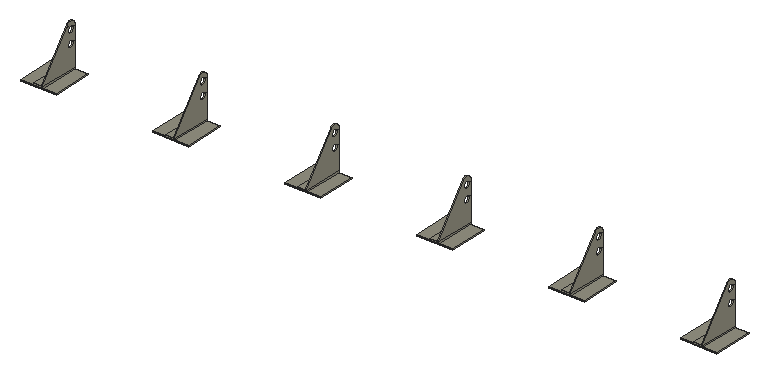
Revit family "Construction_Roof-Accessories_Alpine-SnowGuards_PP315", category Specialty Equipment, host Face, Revit 2019
Family settings
  Host = Face
  Round Connector Dimension = Use Diameter
  Part Type = Normal
  OmniClass Number = 23.35.20.31.27.14
  OmniClass Title = Snow Guards
  Cut with Voids When Loaded = No
  Shared = No
  Room Calculation Point = No
Parameters (values of type "Hi Hole")
  Z_Two Pipe = no
  Z_Two [instance] = Z_Length > Z_Horizontal Spacing  # yes
  Z_Three Pipe = no
  Z_One [instance] = not(Z_Array)  # no
  Z_Length [instance] = if(Length < Z_Horizontal Spacing, Z_Horizontal Spacing, Length)  # 100"
  Z_Horizontal Spacing [instance] = if(Horizontal Spacing < 2", 2", Horizontal Spacing)  # 20"
  Z_Hi Hole = yes
  Z_Array [instance] = and(Z_Length > Z_Horizontal Spacing * 2)  # yes
  URL = "https://www.alpinesnowguards.com/model/pp125-comp.-shingle?utm_source=bimobject&utm_medium=productlisting&utm_campaign=2022marketing"
  Snow Guard Count [instance] = if(Length < Horizontal Spacing, 1, if(and(Z_Length > Z_Horizontal Spacing, Z_Length < Z_Horizontal Spacing * 2), 2, Z_Number of Pads Control))  # 6
  Product data url = "https://www.bimobject.com/en-us/alpine-snowguards/product/pp315_two_or_three_pipe_snow_guard"
  Product Material = Alpine SnowGuards - Aluminium - Mill Finish
  Product Guid = "6513fa90-9029-4a81-b4f7-e6701890db63"
  Z_Number of Pads Control [instance] = if(Z_Length / Z_Horizontal Spacing + 1 < 3, 3, rounddown(Z_Length / Z_Horizontal Spacing + 1))  # 6
  Pad Material = Alpine SnowGuards - Aluminium - Mill Finish
  Model = "PP315 - Hi Hole"
  Manufacturer = "Alpine SnowGuards"  # constant formula
  Length [instance] = 100"
  Keynote = "07720"
  Length Note [instance] = "To show a single SnowGuard set Length to 0"  # constant formula
  Horizontal Spacing = 20"
  Edition number = 1
  Description = "PP315 two or three-pipe, pipe-style snow guard bracket. 2'' X 6'' stainless steel base plate."  # constant formula
  Default Elevation = 48"
  Base Options [instance] = Construction_Roof-Accessories_Alpine-SnowGuards_Base-PP315 : 5.5" x 6"
  Base Material = Alpine SnowGuards - Aluminium - Mill Finish
  Assembly Code = "B3010"
Types (4): name | Z_Two Pipe | Z_Three Pipe | Z_Hi Hole | Model
  (no name) | no | no | yes | "PP315 - Hi Hole"
  Two Pipe | yes | no | no | "PP315 - Two Pipe"
  Three Pipe | no | yes | no | "PP315 - Three Pipe"
  Hi Hole | no | no | yes | "PP315 - Hi Hole"
Reference planes (in)
  plane 1 "Center (Front/Back)": y = 0
  plane 2: z = 0
  plane 3 "Center (Left/Right)": x = 0
  plane 4: x = 100
  plane 5: z = 0.125
  plane 6: x = 20
  plane 7: y = -2.21833
Dimensions and locks (in)
  "Z_Length": plane 3 "Center (Left/Right)" to plane 4
  locked: plane 5 to plane 2 at 0.125
  "Z_Horizontal Spacing": plane 3 "Center (Left/Right)" to plane 6
  locked: nested 2 to plane 1 "Center (Front/Back)" at 2.21833
  equal spacing: group 1, group 2, group 3, group 7, group 8, group 9  (x3)
  equal spacing: group 4, group 5, group 6, group 10, group 11, group 12  (x3)
  aligned and locked: host face to plane 2
  aligned and locked: level to host face
  aligned and locked: nested 1 to plane 1 "Center (Front/Back)"
  aligned and locked: plane 3 "Center (Left/Right)" to nested 2
  aligned and locked: nested 1 to plane 3 "Center (Left/Right)"
  aligned and locked: nested 3 to plane 6
  aligned and locked: nested 3 to plane 1 "Center (Front/Back)"
  aligned and locked: nested 2 to plane 7
  aligned and locked: nested 5 to plane 7
  aligned and locked: plane 6 to nested 5
  aligned and locked: nested 8 to plane 7
  aligned and locked: nested 9 to plane 7
  aligned and locked: plane 3 "Center (Left/Right)" to nested 8
  aligned and locked: plane 6 to nested 9
  aligned and locked: nested 7 to plane 1 "Center (Front/Back)"
  aligned and locked: nested 10 to plane 1 "Center (Front/Back)"
  aligned and locked: nested 7 to plane 3 "Center (Left/Right)"
  aligned and locked: nested 10 to plane 6
Automatic sketch dimensions
  host sketch curve to host sketch curve = 135.21334"
  host sketch curve to host sketch curve = 96"
Nested families (in)
  nested 1: "Construction_Roof-Accessories_Alpine-SnowGuards_Pad-PP314" at (0, -5.35561, 0) x (-1, 0, 0) z (0, 0, 1), Pad Material <- "Pad Material", Two Pipe <- "Z_Two Pipe", Three Pipe <- "Z_Three Pipe", Hi Hole <- "Z_Hi Hole", visible <- "Z_Array", type "Construction_Roof-Accessories_Alpine-SnowGuards_Pad-PP314"
    with Two Pipe no, Three Pipe no, Pad Material Alpine SnowGuards - Aluminium - Mill Finish, Hi Hole yes
  nested 2: "Construction_Roof-Accessories_Alpine-SnowGuards_Base-PP315" at (0, 0.78167, 0), type <- "Base Options", Material <- "Base Material", visible <- "Z_Array", type "5.5" x 6""
    with Material Alpine SnowGuards - Aluminium - Mill Finish
  nested 3: "Construction_Roof-Accessories_Alpine-SnowGuards_Pad-PP314" at (20, -5.35561, 0) x (-1, 0, 0) z (0, 0, 1), Pad Material <- "Pad Material", Two Pipe <- "Z_Two Pipe", Three Pipe <- "Z_Three Pipe", Hi Hole <- "Z_Hi Hole", visible <- "Z_Array", type "Construction_Roof-Accessories_Alpine-SnowGuards_Pad-PP314"
    with Two Pipe no, Three Pipe no, Pad Material Alpine SnowGuards - Aluminium - Mill Finish, Hi Hole yes
  nested 4: "Construction_Roof-Accessories_Alpine-SnowGuards_Pad-PP314" at (40, -5.35561, 0) x (-1, 0, 0) z (0, 0, 1), Pad Material <- "Pad Material", Two Pipe <- "Z_Two Pipe", Three Pipe <- "Z_Three Pipe", Hi Hole <- "Z_Hi Hole", visible <- "Z_Array", type "Construction_Roof-Accessories_Alpine-SnowGuards_Pad-PP314"
    with Two Pipe no, Three Pipe no, Pad Material Alpine SnowGuards - Aluminium - Mill Finish, Hi Hole yes
  nested 5: "Construction_Roof-Accessories_Alpine-SnowGuards_Base-PP315" at (20, 0.78167, 0), type <- "Base Options", Material <- "Base Material", visible <- "Z_Array", type "5.5" x 6""
    with Material Alpine SnowGuards - Aluminium - Mill Finish
  nested 6: "Construction_Roof-Accessories_Alpine-SnowGuards_Base-PP315" at (40, 0.78167, 0), type <- "Base Options", Material <- "Base Material", visible <- "Z_Array", type "5.5" x 6""
    with Material Alpine SnowGuards - Aluminium - Mill Finish
  nested 7: "Construction_Roof-Accessories_Alpine-SnowGuards_Pad-PP314" at (0, -5.35561, 0) x (-1, 0, 0) z (0, 0, 1), Pad Material <- "Pad Material", Three Pipe <- "Z_Three Pipe", Two Pipe <- "Z_Two Pipe", Hi Hole <- "Z_Hi Hole", visible <- "Z_One", type "Construction_Roof-Accessories_Alpine-SnowGuards_Pad-PP314"
    with Two Pipe no, Three Pipe no, Pad Material Alpine SnowGuards - Aluminium - Mill Finish, Hi Hole yes
  nested 8: "Construction_Roof-Accessories_Alpine-SnowGuards_Base-PP315" at (0, 0.78167, 0), type <- "Base Options", Material <- "Base Material", visible <- "Z_One", type "5.5" x 6""
    with Material Alpine SnowGuards - Aluminium - Mill Finish
  nested 9: "Construction_Roof-Accessories_Alpine-SnowGuards_Base-PP315" at (20, 0.78167, 0), type <- "Base Options", Material <- "Base Material", visible <- "Z_Two", type "5.5" x 6""
    with Material Alpine SnowGuards - Aluminium - Mill Finish
  nested 10: "Construction_Roof-Accessories_Alpine-SnowGuards_Pad-PP314" at (20, -5.35561, 0) x (-1, 0, 0) z (0, 0, 1), Pad Material <- "Pad Material", Three Pipe <- "Z_Three Pipe", Two Pipe <- "Z_Two Pipe", Hi Hole <- "Z_Hi Hole", visible <- "Z_Two", type "Construction_Roof-Accessories_Alpine-SnowGuards_Pad-PP314"
    with Two Pipe no, Three Pipe no, Pad Material Alpine SnowGuards - Aluminium - Mill Finish, Hi Hole yes
  nested 11: "Construction_Roof-Accessories_Alpine-SnowGuards_Pad-PP314" at (60, -5.35561, 0) x (-1, 0, 0) z (0, 0, 1), Pad Material <- "Pad Material", Two Pipe <- "Z_Two Pipe", Three Pipe <- "Z_Three Pipe", Hi Hole <- "Z_Hi Hole", visible <- "Z_Array", type "Construction_Roof-Accessories_Alpine-SnowGuards_Pad-PP314"
    with Two Pipe no, Three Pipe no, Pad Material Alpine SnowGuards - Aluminium - Mill Finish, Hi Hole yes
  nested 12: "Construction_Roof-Accessories_Alpine-SnowGuards_Pad-PP314" at (80, -5.35561, 0) x (-1, 0, 0) z (0, 0, 1), Pad Material <- "Pad Material", Two Pipe <- "Z_Two Pipe", Three Pipe <- "Z_Three Pipe", Hi Hole <- "Z_Hi Hole", visible <- "Z_Array", type "Construction_Roof-Accessories_Alpine-SnowGuards_Pad-PP314"
    with Two Pipe no, Three Pipe no, Pad Material Alpine SnowGuards - Aluminium - Mill Finish, Hi Hole yes
  nested 13: "Construction_Roof-Accessories_Alpine-SnowGuards_Pad-PP314" at (100, -5.35561, 0) x (-1, 0, 0) z (0, 0, 1), Pad Material <- "Pad Material", Two Pipe <- "Z_Two Pipe", Three Pipe <- "Z_Three Pipe", Hi Hole <- "Z_Hi Hole", visible <- "Z_Array", type "Construction_Roof-Accessories_Alpine-SnowGuards_Pad-PP314"
    with Two Pipe no, Three Pipe no, Pad Material Alpine SnowGuards - Aluminium - Mill Finish, Hi Hole yes
  nested 14: "Construction_Roof-Accessories_Alpine-SnowGuards_Base-PP315" at (60, 0.78167, 0), type <- "Base Options", Material <- "Base Material", visible <- "Z_Array", type "5.5" x 6""
    with Material Alpine SnowGuards - Aluminium - Mill Finish
  nested 15: "Construction_Roof-Accessories_Alpine-SnowGuards_Base-PP315" at (80, 0.78167, 0), type <- "Base Options", Material <- "Base Material", visible <- "Z_Array", type "5.5" x 6""
    with Material Alpine SnowGuards - Aluminium - Mill Finish
  nested 16: "Construction_Roof-Accessories_Alpine-SnowGuards_Base-PP315" at (100, 0.78167, 0), type <- "Base Options", Material <- "Base Material", visible <- "Z_Array", type "5.5" x 6""
    with Material Alpine SnowGuards - Aluminium - Mill Finish
Definition of nested family "Construction_Roof-Accessories_Alpine-SnowGuards_Pad-PP314"
  Parameters (values of type "Construction_Roof-Accessories_Alpine-SnowGuards_Pad-PP314")
    Hi Hole [instance] = no
    Two Pipe [instance] = yes
    Three Pipe [instance] = no
    Pad Material [instance] = none
  Reference planes (in)
    plane 1 "Center (Front/Back)": y = 0
    plane 2: z = 0
    plane 3 "Center (Left/Right)": x = 0
    plane 4: y = -12
    plane 5: x = -3
    plane 6: x = 3
    plane 7: y = -6
    plane 8: y = -5.35561
  Forms (in)
    Extrusion 1, solid, material <- "Pad Material"
      sketch origin (0, 0, 0) x (1, 0, 0) y (0, 0, 1)
        loop
          line (-0.71875, 0.3125) -> (-0.71875, 0.125) -> (0.71875, 0.125) -> (0.71875, 0.3125) -> (-0.71875, 0.3125)
      from 0.13728 to 6.13728
    Sweep 2, solid, material <- "Pad Material", visible <- "Two Pipe", detail levels fine
      path origin (-0.625, 0, -0.125) x (1, 0, 0) y (0, 0, 1)
        loop
          line (-0.09375, 0.4375) -> (0.09375, 0.4375)
      profile origin (-0.625, 0, 0.3125) x (0, 0, 1) y (0, -1, 0)
        loop
          line (0, 0.13728) -> (0.11115, 0.13728) -> (6.31868, 4.76534)
          arc (6.31868, 4.76534) -> (6.58627, 5.61558) -> (5.86354, 6.13728) r 0.76146
          line (5.86354, 6.13728) -> (0, 6.13728) -> (0, 0.13728)
        loop
          circle (5.53135, 5.34534) r 0.53125
        loop
          circle (1.53671, 5.35561) r 0.53125
    Sweep 3, solid, material <- "Pad Material", visible <- "Three Pipe", detail levels fine
      path origin (-0.625, 0, -0.125) x (1, 0, 0) y (0, 0, 1)
        loop
          line (-0.09375, 0.4375) -> (0.09375, 0.4375)
      profile origin (-0.625, 0, 0.3125) x (0, 0, 1) y (0, -1, 0)
        loop
          line (0, 0.13728) -> (0.11115, 0.13728) -> (6.31868, 4.76534)
          arc (6.31868, 4.76534) -> (6.58627, 5.61558) -> (5.86354, 6.13728) r 0.76146
          line (5.86354, 6.13728) -> (0, 6.13728) -> (0, 0.13728)
        loop
          circle (5.53125, 5.35561) r 0.53125
        loop
          circle (3.34375, 5.35561) r 0.53125
        loop
          circle (1.21875, 5.35561) r 0.53125
    Sweep 4, solid, material <- "Pad Material", visible <- "Hi Hole", detail levels fine
      path origin (-0.625, 0, -0.125) x (1, 0, 0) y (0, 0, 1)
        loop
          line (-0.09375, 0.4375) -> (0.09375, 0.4375)
      profile origin (-0.625, 0, 0.3125) x (0, 0, 1) y (0, -1, 0)
        loop
          arc (6.31868, 4.76534) -> (6.58627, 5.61558) -> (5.86354, 6.13728) r 0.76146
          line (5.86354, 6.13728) -> (0, 6.13728) -> (0, 0.13728) -> (0.11115, 0.13728) -> (6.31868, 4.76534)
        loop
          circle (5.53125, 5.35561) r 0.53125
        loop
          circle (3.53125, 5.35561) r 0.53125
    Sweep 5, solid, material <- "Pad Material", visible <- "Hi Hole", detail levels coarse+medium
      path origin (-0.625, 0, -0.125) x (1, 0, 0) y (0, 0, 1)
        loop
          line (-0.09375, 0.4375) -> (0.09375, 0.4375)
      profile origin (-0.625, 0, 0.3125) x (0, 0, 1) y (0, -1, 0)
        loop
          arc (6.31868, 4.76534) -> (6.58627, 5.61558) -> (5.86354, 6.13728) r 0.76146
          line (5.86354, 6.13728) -> (0, 6.13728) -> (0, 0.13728) -> (0.11115, 0.13728) -> (6.31868, 4.76534)
    Sweep 6, solid, material <- "Pad Material", visible <- "Two Pipe", detail levels coarse+medium
      path origin (-0.625, 0, -0.125) x (1, 0, 0) y (0, 0, 1)
        loop
          line (-0.09375, 0.4375) -> (0.09375, 0.4375)
      profile origin (-0.625, 0, 0.3125) x (0, 0, 1) y (0, -1, 0)
        loop
          line (0, 0.13728) -> (0.11115, 0.13728) -> (6.31868, 4.76534)
          arc (6.31868, 4.76534) -> (6.58627, 5.61558) -> (5.86354, 6.13728) r 0.76146
          line (5.86354, 6.13728) -> (0, 6.13728) -> (0, 0.13728)
    Sweep 7, solid, material <- "Pad Material", visible <- "Three Pipe", detail levels coarse+medium
      path origin (-0.625, 0, -0.125) x (1, 0, 0) y (0, 0, 1)
        loop
          line (-0.09375, 0.4375) -> (0.09375, 0.4375)
      profile origin (-0.625, 0, 0.3125) x (0, 0, 1) y (0, -1, 0)
        loop
          line (0, 0.13728) -> (0.11115, 0.13728) -> (6.31868, 4.76534)
          arc (6.31868, 4.76534) -> (6.58627, 5.61558) -> (5.86354, 6.13728) r 0.76146
          line (5.86354, 6.13728) -> (0, 6.13728) -> (0, 0.13728)
  Dimensions and locks (in)
    locked: plane 4 to plane 1 "Center (Front/Back)" at 12
    equal spacing: plane 5, plane 3 "Center (Left/Right)", plane 6
    plane 5 to plane 6 = 6"
    locked: plane 7 to plane 4 at 6
    locked: Extrusion 1 sketch curve to plane 2 at 0.125
    locked: Extrusion 1 sketch curve to Extrusion 1 sketch curve at 0.1875
    locked: plane 8 to plane 7 at 0.64439
    locked: Extrusion 1 sketch curve to plane 5 at 2.28125
    aligned and locked: level to plane 2
  Automatic sketch dimensions
    plane 3 "Center (Left/Right)" to Extrusion 1 sketch curve = 23/32"
    level to Sweep 2 sketch curve = 5/16"
    Sweep 2 sketch curve to plane 3 "Center (Left/Right)" = 23/32"
    Sweep 2 sketch curve to Sweep 2 sketch curve = 3/16"
    profile plane to Sweep 2 sketch curve = 0"
    Sweep 2 sketch curve to Sweep 2 sketch curve = 0.11115"
    Sweep 2 sketch curve to profile plane = 1.53671"
    Sweep 2 sketch curve to Sweep 2 sketch curve = 3.99464"
    Sweep 2 sketch curve to Sweep 2 sketch curve = 0.33219"
    Sweep 2 sketch curve to Sweep 2 sketch curve = 0.45514"
    plane 1 "Center (Front/Back)" to Sweep 2 sketch curve = 0.13728"
    plane 1 "Center (Front/Back)" to Sweep 2 sketch curve = 4.76534"
    Sweep 2 sketch curve to Sweep 2 sketch curve = 0.58"
    Sweep 2 sketch curve to Sweep 2 sketch curve = 0.01027"
    Sweep 2 sketch curve to Sweep 2 sketch curve = 0.03047"
    level to Sweep 3 sketch curve = 5/16"
    Sweep 3 sketch curve to plane 3 "Center (Left/Right)" = 23/32"
    Sweep 3 sketch curve to Sweep 3 sketch curve = 3/16"
    profile plane to Sweep 3 sketch curve = 0"
    Sweep 3 sketch curve to profile plane = 0.11115"
    Sweep 3 sketch curve to profile plane = 1 7/32"
    Sweep 3 sketch curve to Sweep 3 sketch curve = 2 1/8"
    Sweep 3 sketch curve to Sweep 3 sketch curve = 2 3/16"
    Sweep 3 sketch curve to Sweep 3 sketch curve = 0.33229"
    Sweep 3 sketch curve to Sweep 3 sketch curve = 0.45514"
    plane 1 "Center (Front/Back)" to Sweep 3 sketch curve = 0.13728"
    plane 1 "Center (Front/Back)" to Sweep 3 sketch curve = 4.76534"
    Sweep 3 sketch curve to Sweep 3 sketch curve = 0.59027"  (x2)
    Sweep 3 sketch curve to Sweep 3 sketch curve = 0"
    Sweep 3 sketch curve to Sweep 3 sketch curve = 0.0202"
    level to Sweep 4 sketch curve = 5/16"
    Sweep 4 sketch curve to plane 3 "Center (Left/Right)" = 23/32"
    Sweep 4 sketch curve to Sweep 4 sketch curve = 3/16"
    profile plane to Sweep 4 sketch curve = 0"
    Sweep 4 sketch curve to profile plane = 0.11115"
    Sweep 4 sketch curve to profile plane = 3 17/32"
    Sweep 4 sketch curve to Sweep 4 sketch curve = 2"
    Sweep 4 sketch curve to Sweep 4 sketch curve = 0.33229"
    Sweep 4 sketch curve to Sweep 4 sketch curve = 0.45514"
    plane 1 "Center (Front/Back)" to Sweep 4 sketch curve = 0.13728"
    plane 1 "Center (Front/Back)" to Sweep 4 sketch curve = 4.76534"
    Sweep 4 sketch curve to Sweep 4 sketch curve = 0.59027"  (x2)
    Sweep 4 sketch curve to Sweep 4 sketch curve = 0.0202"
    level to Sweep 5 sketch curve = 5/16"
    Sweep 5 sketch curve to plane 3 "Center (Left/Right)" = 23/32"
    Sweep 5 sketch curve to Sweep 5 sketch curve = 3/16"
    profile plane to Sweep 5 sketch curve = 0"
    Sweep 5 sketch curve to profile plane = 0.11115"
    Sweep 5 sketch curve to profile plane = 5.86354"
    Sweep 5 sketch curve to Sweep 5 sketch curve = 0.45514"
    plane 1 "Center (Front/Back)" to Sweep 5 sketch curve = 0.13728"
    plane 1 "Center (Front/Back)" to Sweep 5 sketch curve = 4.76534"
    Sweep 5 sketch curve to Sweep 5 sketch curve = 0.61047"
    level to Sweep 6 sketch curve = 5/16"
    Sweep 6 sketch curve to plane 3 "Center (Left/Right)" = 23/32"
    Sweep 6 sketch curve to Sweep 6 sketch curve = 3/16"
    profile plane to Sweep 6 sketch curve = 0"
    Sweep 6 sketch curve to Sweep 6 sketch curve = 0.11115"
    Sweep 6 sketch curve to profile plane = 5.86354"
    Sweep 6 sketch curve to Sweep 6 sketch curve = 0.45514"
    plane 1 "Center (Front/Back)" to Sweep 6 sketch curve = 0.13728"
    plane 1 "Center (Front/Back)" to Sweep 6 sketch curve = 4.76534"
    Sweep 6 sketch curve to Sweep 6 sketch curve = 0.61047"
    level to Sweep 7 sketch curve = 5/16"
    Sweep 7 sketch curve to plane 3 "Center (Left/Right)" = 23/32"
    Sweep 7 sketch curve to Sweep 7 sketch curve = 3/16"
    profile plane to Sweep 7 sketch curve = 0"
    Sweep 7 sketch curve to profile plane = 0.11115"
    Sweep 7 sketch curve to Sweep 7 sketch curve = 0.45514"
    plane 1 "Center (Front/Back)" to Sweep 7 sketch curve = 0.13728"
    plane 1 "Center (Front/Back)" to Sweep 7 sketch curve = 4.76534"
    Sweep 7 sketch curve to profile plane = 5.86354"
    Sweep 7 sketch curve to Sweep 7 sketch curve = 0.61047"
    radius of Sweep 2 sketch curve = 17/32"  (x2)
    radius of Sweep 3 sketch curve = 17/32"  (x3)
    radius of Sweep 4 sketch curve = 17/32"  (x2)
Definition of nested family "Construction_Roof-Accessories_Alpine-SnowGuards_Base-PP315"
  Parameters (values of type "5.5" x 6"")
    W = 5 1/2"
    Material [instance] = none
    Height = 6"
    6x8 = no
    5.5x6 = yes
    2x6 = no
  Types (3): name | W | Height | 6x8 | 5.5x6 | 2x6
    2" x 6" | 2" | 6" | no | no | yes
    5.5" x 6" | 5 1/2" | 6" | no | yes | no
    6" x 8" | 6" | 8" | yes | no | no
  Reference planes (in)
    plane 1 "Center (Front/Back)": y = 0
    plane 2: z = 0
    plane 3 "Center (Left/Right)": x = 0
    plane 4: y = -6
    plane 5: x = -2.75
    plane 6: x = 2.75
    plane 7: y = -3
    plane 8: z = 0.125
  Forms (in)
    Extrusion 1, solid, material <- "Material"
      sketch origin (0, 0, 0) x (1, 0, 0) y (0, 0, 1)
        loop
          line (-2.75, 0.125) -> (-2.75, 0) -> (2.75, 0) -> (2.75, 0.125) -> (-2.75, 0.125)
      from 0 to 6
  Lines and regions (in)
    model lines, visible <- "6x8", detail levels fine
      curve 1: circle (2.25, -4.02831, 0.125) r 0.25 normal (0, 0, -1)
      curve 2: circle (2.25, -5.25, 0.125) r 0.25 normal (0, 0, 1)
      curve 3: circle (2.25, -0.75, 0.125) r 0.25 normal (0, 0, -1)
      curve 4: circle (-2.25, -5.25, 0.125) r 0.25 normal (0, 0, -1)
      curve 5: circle (-2.25, -0.75, 0.125) r 0.25 normal (0, 0, 1)
      curve 6: circle (0, -0.75, 0.125) r 0.25 normal (0, 0, 1)
      curve 7: circle (0, -5.25, 0.125) r 0.25 normal (0, 0, 1)
      curve 12: circle (-2.25, -4.02831, 0.125) r 0.25 normal (0, 0, 1)
    model lines, visible <- "5.5x6", detail levels fine
      curve 8: circle (2.25, -5.25, 0.125) r 0.25 normal (0, 0, 1)
      curve 9: circle (2.25, -0.75, 0.125) r 0.25 normal (0, 0, -1)
      curve 10: circle (-2.25, -5.25, 0.125) r 0.25 normal (0, 0, -1)
      curve 11: circle (-2.25, -0.75, 0.125) r 0.25 normal (0, 0, 1)
      curve 13: circle (2.25, -3, 0.125) r 0.25 normal (0, 0, 1)
      curve 14: circle (-2.25, -3, 0.125) r 0.25 normal (0, 0, -1)
    model lines, visible <- "2x6", detail levels fine
      curve 15: circle (0, -0.75, 0.125) r 0.25 normal (0, 0, 1)
      curve 16: circle (0, -5.25, 0.125) r 0.25 normal (0, 0, 1)
      curve 17: circle (0, -3, 0.125) r 0.25 normal (0, 0, -1)
  Dimensions and locks (in)
    "Height": plane 4 to plane 1 "Center (Front/Back)"
    equal spacing: plane 5, plane 3 "Center (Left/Right)", plane 6
    "W": plane 5 to plane 6
    locked: Extrusion 1 sketch curve to level at 0.125
    equal spacing: plane 1 "Center (Front/Back)", plane 7, plane 4
    curve 9 to curve 8 = 0"
    locked: curve 11 to curve 10
    curve 9 to curve 11 = 0"
    curve 8 to curve 10 = 0"
    plane 5 to curve 5 to curve 12 to curve 4 = 1/2" locked, 0" locked, 0" locked
    curve 3 to curve 1 to curve 2 to plane 6 = 0" locked, 0" locked, 1/2" locked
    curve 3 to curve 6 to curve 5 to plane 1 "Center (Front/Back)" = 0" locked, 0" locked, 3/4" locked
    curve 2 to curve 7 to curve 4 to plane 4 = 0" locked, 0" locked, 3/4" locked
    curve 1 to curve 12 to plane 7 = 0" locked, 1.02831" locked
    locked: curve 13 to plane 6 at 0.5
    locked: plane 5 to curve 14 at 0.5
    aligned and locked: level to plane 2
    aligned and locked: plane 5 to Extrusion 1 sketch curve
    aligned and locked: plane 2 to Extrusion 1 sketch curve
    aligned and locked: Extrusion 1 sketch curve to plane 6
    aligned and locked: Extrusion 1 to plane 1 "Center (Front/Back)"
    aligned and locked: Extrusion 1 to plane 4
    aligned and locked: plane 3 "Center (Left/Right)" to curve 6
    aligned and locked: plane 3 "Center (Left/Right)" to curve 7
    aligned and locked: plane 7 to curve 13
    aligned and locked: plane 7 to curve 14
    aligned and locked: plane 3 "Center (Left/Right)" to curve 15
    aligned and locked: plane 3 "Center (Left/Right)" to curve 16
    aligned and locked: plane 3 "Center (Left/Right)" to curve 17
    aligned and locked: plane 7 to curve 17
  Automatic sketch dimensions
    curve 2 to curve 8 = 0"  (x2)
    curve 3 to curve 9 = 0"
    curve 4 to curve 10 = 0"
    curve 6 to curve 15 = 0"
    curve 7 to curve 16 = 0"
    radius of curve 1 = 1/4"
    radius of curve 2 = 1/4"
    radius of curve 3 = 1/4"
    radius of curve 4 = 1/4"
    radius of curve 5 = 1/4"
    radius of curve 6 = 1/4"
    radius of curve 7 = 1/4"
    radius of curve 8 = 1/4"
    radius of curve 9 = 1/4"
    radius of curve 10 = 1/4"
    radius of curve 11 = 1/4"
    radius of curve 12 = 1/4"
    radius of curve 13 = 1/4"
    radius of curve 14 = 1/4"
    radius of curve 15 = 1/4"
    radius of curve 16 = 1/4"
    radius of curve 17 = 1/4"
